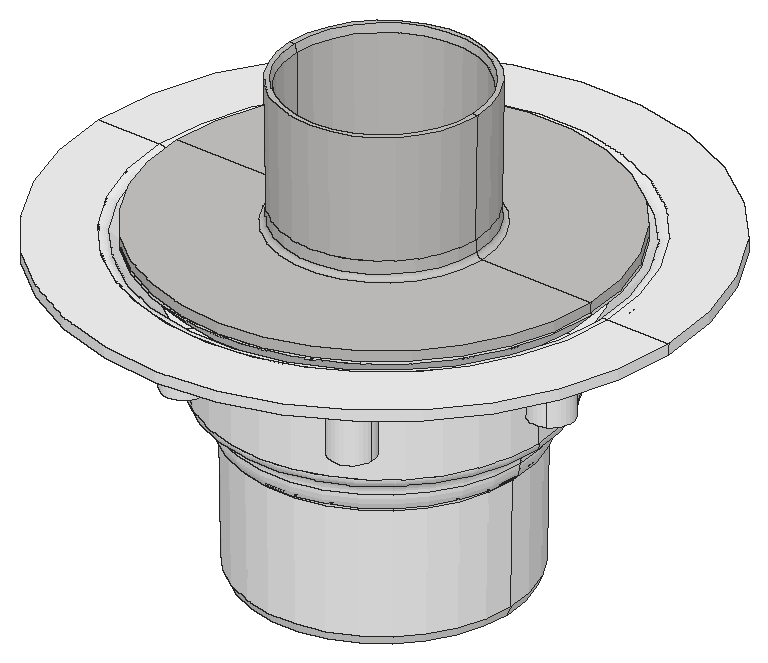
Revit family "3000.113 & 114 DPJ 65x100", category Plumbing Fixtures, Revit 2019
Family settings
  Round Connector Dimension = Use Diameter
  Part Type = Normal
  OmniClass Number = 23.45.00.00
  Work Plane-Based = No
  Always vertical = Yes
  Cut with Voids When Loaded = No
  Shared = No
  Room Calculation Point = No
Parameters (values of type "DPJ 65x100nv")
  Waste Connection = yes
  Vent Connection = no
  V = not(NV)  # no
  URL = "www.aquaknight.co.nz"
  Phone = "+6498322214"  # constant formula
  NV = yes
  Model = "3000.114"
  Manufacturer = "Aquanight Industries Ltd"  # constant formula
  Inlet = 31.5 mm
  HW Connection = no
  Email = "info@aquaknight.co.nz"  # constant formula
  Description = "DownPipe Junction 65x100 non-vented"
  CW Connection = no
Types (2, lengths in mm): name | V | NV | Model | Inlet | Description
  DPJ 65x100v | yes | no | "3000.113" | 25.5 | "DownPipe Junction 65x100 vented"
  DPJ 65x100nv | no | yes | "3000.114" | 31.5 | "DownPipe Junction 65x100 non-vented"
Reference planes
  plane 1 "Center (Front/Back)": y = 0
  plane 2: z = 0
  plane 3 "Center (Left/Right)": x = 0
  plane 4: z = -95
  plane 5: z = 31.5
Forms (mm)
  Revolve 1, solid, material "Plastic, Glossy White"
    sketch origin (0, 0, -4) x (1, 0, 0) y (0, 0, 1)
      loop
        line (72.739, -12.5) -> (58.75, -12.5) -> (58.418, -50.494)
        arc (58.418, -50.494) -> (53.232, -54.057) -> (51.2, -60.012) r 10
        arc (51.2, -60.012) -> (50.504, -63.207) -> (48.588, -65.857) r 8
        line (48.588, -65.857) -> (47.921, -116.857) -> (49.9, -116.857) -> (51.4, -113.357) -> (52, -67.477)
        arc (52, -67.477) -> (52.488, -66.33) -> (53.642, -65.857) r 1.642
        arc (53.642, -65.857) -> (54.791, -63.051) -> (55.2, -60.047) r 12
        arc (55.2, -60.047) -> (56.482, -56.392) -> (59.73, -54.282) r 6
        arc (59.73, -54.282) -> (61.906, -52.862) -> (62.75, -50.404) r 4
        line (62.75, -50.404) -> (62.75, -19.5) -> (74.07, -19.5)
        arc (74.07, -19.5) -> (76.898, -18.328) -> (78.07, -15.5) r 4
        line (78.07, -15.5) -> (78.07, -13.633)
        arc (78.07, -13.633) -> (78.244, -12.717) -> (78.742, -11.928) r 2.5
        line (78.742, -11.928) -> (89.123, -0.795)
        arc (89.123, -0.795) -> (89.955, -0.207) -> (90.951, 0) r 2.5
        line (90.951, 0) -> (115, 0) -> (115, 4) -> (90.299, 4)
        arc (90.299, 4) -> (88.306, 3.585) -> (86.643, 2.41) r 5
        line (86.643, 2.41) -> (72.739, -12.5)
      loop
        line (59.25, -5.1) -> (75.5, -5.1) -> (83.653, 3.053) -> (83.653, 4) -> (75.25, 4) -> (75.25, -0.6) -> (59.25, -0.6) -> (59.25, -5.1)
      axis (0, 4) -> (0, -116.857)
    angle from 0 to 360
  Extrusion 2, solid, material "Plastic, Glossy White", detail levels fine
    sketch origin (0, 0, -4) x (1, 0, 0) y (0, 1, 0)
      loop
        circle (67.55, 0) r 8.2
      loop
        circle (33.775, 58.5) r 8.2
      loop
        circle (33.775, -58.5) r 8.2
      loop
        circle (-67.55, 0) r 8.2
      loop
        circle (-33.775, 58.5) r 8.2
      loop
        circle (-33.775, -58.5) r 8.2
    from -38.379 to -12.5
  Extrusion 3, void
    sketch origin (0, -279.02, 0) x (1, 0, 0) y (0, 1, 0)
      loop
        arc (-12.154, 346.61) -> (-12.839, 347.723) -> (-14.118, 347.99) r 1.65
        arc (-14.118, 347.99) -> (-16.116, 347.551) -> (-18.1, 347.054) r 70.4
        arc (-18.1, 347.054) -> (-19.126, 346.245) -> (-19.243, 344.943) r 1.65
        line (-19.243, 344.943) -> (-10.576, 318.633)
        arc (-10.576, 318.633) -> (-9.124, 317.82) -> (-8.188, 319.195) r 1.231
        line (-8.188, 319.195) -> (-12.154, 346.61)
      loop
        arc (-0.233, 347.693) -> (-0.713, 348.909) -> (-1.927, 349.394) r 1.65
        arc (-1.927, 349.394) -> (-3.971, 349.308) -> (-6.011, 349.163) r 70.4
        arc (-6.011, 349.163) -> (-7.162, 348.545) -> (-7.503, 347.283) r 1.65
        line (-7.503, 347.283) -> (-3.536, 319.868)
        arc (-3.536, 319.868) -> (-2.248, 318.815) -> (-1.087, 320.006) r 1.231
        line (-1.087, 320.006) -> (-0.233, 347.693)
      loop
        arc (11.696, 346.691) -> (11.434, 347.971) -> (10.322, 348.659) r 1.65
        arc (10.322, 348.659) -> (8.295, 348.93) -> (6.261, 349.141) r 70.4
        arc (6.261, 349.141) -> (5.019, 348.732) -> (4.465, 347.549) r 1.65
        line (4.465, 347.549) -> (3.611, 319.861)
        arc (3.611, 319.861) -> (4.696, 318.601) -> (6.047, 319.572) r 1.231
        line (6.047, 319.572) -> (11.696, 346.691)
      loop
        arc (23.269, 343.632) -> (23.233, 344.938) -> (22.258, 345.809) r 1.65
        arc (22.258, 345.809) -> (20.309, 346.427) -> (18.342, 346.989) r 70.4
        arc (18.342, 346.989) -> (17.048, 346.802) -> (16.297, 345.732) r 1.65
        line (16.297, 345.732) -> (10.648, 318.614)
        arc (10.648, 318.614) -> (11.498, 317.184) -> (12.997, 317.906) r 1.231
        line (12.997, 317.906) -> (23.269, 343.632)
      loop
        arc (34.135, 338.609) -> (34.327, 339.902) -> (33.518, 340.929) r 1.65
        arc (33.518, 340.929) -> (31.705, 341.877) -> (29.866, 342.771) r 70.4
        arc (29.866, 342.771) -> (28.56, 342.811) -> (27.634, 341.889) r 1.65
        line (27.634, 341.889) -> (17.362, 316.163)
        arc (17.362, 316.163) -> (17.951, 314.607) -> (19.552, 315.059) r 1.231
        line (19.552, 315.059) -> (34.135, 338.609)
      loop
        arc (43.964, 331.777) -> (44.377, 333.017) -> (43.759, 334.168) r 1.65
        arc (43.759, 334.168) -> (42.138, 335.416) -> (40.483, 336.616) r 70.4
        arc (40.483, 336.616) -> (39.203, 336.883) -> (38.131, 336.135) r 1.65
        line (38.131, 336.135) -> (23.548, 312.584)
        arc (23.548, 312.584) -> (23.857, 310.95) -> (25.513, 311.116) r 1.231
        line (25.513, 311.116) -> (43.964, 331.777)
      loop
        arc (52.457, 323.341) -> (53.079, 324.49) -> (52.67, 325.732) r 1.65
        arc (52.67, 325.732) -> (51.291, 327.242) -> (49.869, 328.712) r 70.4
        arc (49.869, 328.712) -> (48.655, 329.196) -> (47.469, 328.646) r 1.65
        line (47.469, 328.646) -> (29.018, 307.985)
        arc (29.018, 307.985) -> (29.04, 306.322) -> (30.699, 306.198) r 1.231
        line (30.699, 306.198) -> (52.457, 323.341)
      loop
        arc (59.356, 313.558) -> (60.169, 314.582) -> (59.982, 315.876) r 1.65
        arc (59.982, 315.876) -> (58.886, 317.603) -> (57.74, 319.297) r 70.4
        arc (57.74, 319.297) -> (56.629, 319.985) -> (55.366, 319.649) r 1.65
        line (55.366, 319.649) -> (33.607, 302.506)
        arc (33.607, 302.506) -> (33.339, 300.864) -> (34.952, 300.454) r 1.231
        line (34.952, 300.454) -> (59.356, 313.558)
      loop
        arc (64.452, 302.727) -> (65.43, 303.594) -> (65.47, 304.9) r 1.65
        arc (65.47, 304.9) -> (64.691, 306.791) -> (63.857, 308.659) r 70.4
        arc (63.857, 308.659) -> (62.882, 309.529) -> (61.58, 309.418) r 1.65
        line (61.58, 309.418) -> (37.175, 296.314)
        arc (37.175, 296.314) -> (36.626, 294.743) -> (38.143, 294.059) r 1.231
        line (38.143, 294.059) -> (64.452, 302.727)
      loop
        arc (67.59, 291.174) -> (68.703, 291.859) -> (68.97, 293.138) r 1.65
        arc (68.97, 293.138) -> (68.531, 295.136) -> (68.034, 297.12) r 70.4
        arc (68.034, 297.12) -> (67.225, 298.146) -> (65.923, 298.263) r 1.65
        line (65.923, 298.263) -> (39.613, 289.596)
        arc (39.613, 289.596) -> (38.8, 288.144) -> (40.175, 287.208) r 1.231
        line (40.175, 287.208) -> (67.59, 291.174)
      loop
        arc (68.673, 279.253) -> (69.889, 279.733) -> (70.374, 280.947) r 1.65
        arc (70.374, 280.947) -> (70.288, 282.991) -> (70.143, 285.031) r 70.4
        arc (70.143, 285.031) -> (69.525, 286.182) -> (68.263, 286.523) r 1.65
        line (68.263, 286.523) -> (40.848, 282.556)
        arc (40.848, 282.556) -> (39.795, 281.268) -> (40.986, 280.107) r 1.231
        line (40.986, 280.107) -> (68.673, 279.253)
      loop
        arc (67.671, 267.324) -> (68.951, 267.587) -> (69.639, 268.698) r 1.65
        arc (69.639, 268.698) -> (69.91, 270.725) -> (70.121, 272.759) r 70.4
        arc (70.121, 272.759) -> (69.712, 274.001) -> (68.528, 274.555) r 1.65
        line (68.528, 274.555) -> (40.841, 275.409)
        arc (40.841, 275.409) -> (39.581, 274.324) -> (40.552, 272.973) r 1.231
        line (40.552, 272.973) -> (67.671, 267.324)
      loop
        arc (64.612, 255.751) -> (65.918, 255.787) -> (66.789, 256.762) r 1.65
        arc (66.789, 256.762) -> (67.407, 258.711) -> (67.969, 260.678) r 70.4
        arc (67.969, 260.678) -> (67.781, 261.972) -> (66.712, 262.723) r 1.65
        line (66.712, 262.723) -> (39.594, 268.372)
        arc (39.594, 268.372) -> (38.164, 267.522) -> (38.886, 266.023) r 1.231
        line (38.886, 266.023) -> (64.612, 255.751)
      loop
        arc (59.589, 244.885) -> (60.882, 244.693) -> (61.909, 245.502) r 1.65
        arc (61.909, 245.502) -> (62.857, 247.315) -> (63.751, 249.154) r 70.4
        arc (63.751, 249.154) -> (63.791, 250.461) -> (62.869, 251.386) r 1.65
        line (62.869, 251.386) -> (37.143, 261.658)
        arc (37.143, 261.658) -> (35.587, 261.07) -> (36.039, 259.468) r 1.231
        line (36.039, 259.468) -> (59.589, 244.885)
      loop
        arc (52.757, 235.056) -> (53.997, 234.643) -> (55.148, 235.261) r 1.65
        arc (55.148, 235.261) -> (56.396, 236.882) -> (57.596, 238.538) r 70.4
        arc (57.596, 238.538) -> (57.863, 239.817) -> (57.115, 240.889) r 1.65
        line (57.115, 240.889) -> (33.564, 255.472)
        arc (33.564, 255.472) -> (31.93, 255.163) -> (32.096, 253.507) r 1.231
        line (32.096, 253.507) -> (52.757, 235.056)
      loop
        arc (44.321, 226.563) -> (45.47, 225.941) -> (46.712, 226.35) r 1.65
        arc (46.712, 226.35) -> (48.222, 227.729) -> (49.692, 229.151) r 70.4
        arc (49.692, 229.151) -> (50.176, 230.365) -> (49.626, 231.551) r 1.65
        line (49.626, 231.551) -> (28.965, 250.002)
        arc (28.965, 250.002) -> (27.302, 249.98) -> (27.178, 248.321) r 1.231
        line (27.178, 248.321) -> (44.321, 226.563)
      loop
        arc (34.538, 219.664) -> (35.562, 218.851) -> (36.856, 219.038) r 1.65
        arc (36.856, 219.038) -> (38.583, 220.134) -> (40.277, 221.28) r 70.4
        arc (40.277, 221.28) -> (40.965, 222.391) -> (40.629, 223.654) r 1.65
        line (40.629, 223.654) -> (23.486, 245.413)
        arc (23.486, 245.413) -> (21.844, 245.681) -> (21.434, 244.068) r 1.231
        line (21.434, 244.068) -> (34.538, 219.664)
      loop
        arc (23.707, 214.568) -> (24.574, 213.59) -> (25.88, 213.55) r 1.65
        arc (25.88, 213.55) -> (27.771, 214.329) -> (29.639, 215.163) r 70.4
        arc (29.639, 215.163) -> (30.509, 216.138) -> (30.398, 217.44) r 1.65
        line (30.398, 217.44) -> (17.294, 241.845)
        arc (17.294, 241.845) -> (15.723, 242.394) -> (15.039, 240.877) r 1.231
        line (15.039, 240.877) -> (23.707, 214.568)
      loop
        arc (12.154, 211.43) -> (12.839, 210.317) -> (14.118, 210.05) r 1.65
        arc (14.118, 210.05) -> (16.116, 210.489) -> (18.1, 210.986) r 70.4
        arc (18.1, 210.986) -> (19.126, 211.795) -> (19.243, 213.097) r 1.65
        line (19.243, 213.097) -> (10.576, 239.407)
        arc (10.576, 239.407) -> (9.124, 240.22) -> (8.188, 238.845) r 1.231
        line (8.188, 238.845) -> (12.154, 211.43)
      loop
        arc (0.233, 210.347) -> (0.713, 209.131) -> (1.927, 208.646) r 1.65
        arc (1.927, 208.646) -> (3.971, 208.732) -> (6.011, 208.877) r 70.4
        arc (6.011, 208.877) -> (7.162, 209.495) -> (7.503, 210.757) r 1.65
        line (7.503, 210.757) -> (3.536, 238.172)
        arc (3.536, 238.172) -> (2.248, 239.225) -> (1.087, 238.034) r 1.231
        line (1.087, 238.034) -> (0.233, 210.347)
      loop
        arc (-11.696, 211.35) -> (-11.434, 210.069) -> (-10.322, 209.381) r 1.65
        arc (-10.322, 209.381) -> (-8.295, 209.11) -> (-6.261, 208.899) r 70.4
        arc (-6.261, 208.899) -> (-5.019, 209.308) -> (-4.465, 210.492) r 1.65
        line (-4.465, 210.492) -> (-3.611, 238.179)
        arc (-3.611, 238.179) -> (-4.696, 239.439) -> (-6.047, 238.468) r 1.231
        line (-6.047, 238.468) -> (-11.696, 211.35)
      loop
        arc (-23.269, 214.409) -> (-23.233, 213.102) -> (-22.258, 212.231) r 1.65
        arc (-22.258, 212.231) -> (-20.309, 211.613) -> (-18.342, 211.051) r 70.4
        arc (-18.342, 211.051) -> (-17.048, 211.239) -> (-16.297, 212.308) r 1.65
        line (-16.297, 212.308) -> (-10.648, 239.426)
        arc (-10.648, 239.426) -> (-11.498, 240.856) -> (-12.997, 240.134) r 1.231
        line (-12.997, 240.134) -> (-23.269, 214.409)
      loop
        arc (-34.135, 219.431) -> (-34.327, 218.138) -> (-33.518, 217.111) r 1.65
        arc (-33.518, 217.111) -> (-31.705, 216.164) -> (-29.866, 215.269) r 70.4
        arc (-29.866, 215.269) -> (-28.56, 215.229) -> (-27.634, 216.151) r 1.65
        line (-27.634, 216.151) -> (-17.362, 241.877)
        arc (-17.362, 241.877) -> (-17.951, 243.433) -> (-19.552, 242.982) r 1.231
        line (-19.552, 242.982) -> (-34.135, 219.431)
      loop
        arc (-43.964, 226.263) -> (-44.377, 225.023) -> (-43.759, 223.872) r 1.65
        arc (-43.759, 223.872) -> (-42.138, 222.624) -> (-40.483, 221.424) r 70.4
        arc (-40.483, 221.424) -> (-39.203, 221.157) -> (-38.131, 221.905) r 1.65
        line (-38.131, 221.905) -> (-23.548, 245.456)
        arc (-23.548, 245.456) -> (-23.857, 247.09) -> (-25.513, 246.924) r 1.231
        line (-25.513, 246.924) -> (-43.964, 226.263)
      loop
        arc (-52.457, 234.699) -> (-53.079, 233.55) -> (-52.67, 232.308) r 1.65
        arc (-52.67, 232.308) -> (-51.291, 230.798) -> (-49.869, 229.328) r 70.4
        arc (-49.869, 229.328) -> (-48.655, 228.844) -> (-47.469, 229.394) r 1.65
        line (-47.469, 229.394) -> (-29.018, 250.055)
        arc (-29.018, 250.055) -> (-29.04, 251.718) -> (-30.699, 251.842) r 1.231
        line (-30.699, 251.842) -> (-52.457, 234.699)
      loop
        arc (-59.356, 244.482) -> (-60.169, 243.458) -> (-59.982, 242.164) r 1.65
        arc (-59.982, 242.164) -> (-58.886, 240.437) -> (-57.74, 238.743) r 70.4
        arc (-57.74, 238.743) -> (-56.629, 238.055) -> (-55.366, 238.391) r 1.65
        line (-55.366, 238.391) -> (-33.607, 255.534)
        arc (-33.607, 255.534) -> (-33.339, 257.176) -> (-34.952, 257.586) r 1.231
        line (-34.952, 257.586) -> (-59.356, 244.482)
      loop
        arc (-64.452, 255.313) -> (-65.43, 254.446) -> (-65.47, 253.14) r 1.65
        arc (-65.47, 253.14) -> (-64.691, 251.249) -> (-63.857, 249.381) r 70.4
        arc (-63.857, 249.381) -> (-62.882, 248.511) -> (-61.58, 248.622) r 1.65
        line (-61.58, 248.622) -> (-37.175, 261.726)
        arc (-37.175, 261.726) -> (-36.626, 263.297) -> (-38.143, 263.981) r 1.231
        line (-38.143, 263.981) -> (-64.452, 255.313)
      loop
        arc (-67.59, 266.866) -> (-68.703, 266.181) -> (-68.97, 264.902) r 1.65
        arc (-68.97, 264.902) -> (-68.531, 262.904) -> (-68.034, 260.92) r 70.4
        arc (-68.034, 260.92) -> (-67.225, 259.894) -> (-65.923, 259.777) r 1.65
        line (-65.923, 259.777) -> (-39.613, 268.445)
        arc (-39.613, 268.445) -> (-38.8, 269.896) -> (-40.175, 270.832) r 1.231
        line (-40.175, 270.832) -> (-67.59, 266.866)
      loop
        arc (-68.673, 278.787) -> (-69.889, 278.307) -> (-70.374, 277.093) r 1.65
        arc (-70.374, 277.093) -> (-70.288, 275.049) -> (-70.143, 273.009) r 70.4
        arc (-70.143, 273.009) -> (-69.525, 271.858) -> (-68.263, 271.517) r 1.65
        line (-68.263, 271.517) -> (-40.848, 275.484)
        arc (-40.848, 275.484) -> (-39.795, 276.772) -> (-40.986, 277.933) r 1.231
        line (-40.986, 277.933) -> (-68.673, 278.787)
      loop
        arc (-67.671, 290.716) -> (-68.951, 290.454) -> (-69.639, 289.342) r 1.65
        arc (-69.639, 289.342) -> (-69.91, 287.315) -> (-70.121, 285.281) r 70.4
        arc (-70.121, 285.281) -> (-69.712, 284.039) -> (-68.528, 283.485) r 1.65
        line (-68.528, 283.485) -> (-40.841, 282.631)
        arc (-40.841, 282.631) -> (-39.581, 283.716) -> (-40.552, 285.067) r 1.231
        line (-40.552, 285.067) -> (-67.671, 290.716)
      loop
        arc (-64.612, 302.289) -> (-65.918, 302.253) -> (-66.789, 301.278) r 1.65
        arc (-66.789, 301.278) -> (-67.407, 299.329) -> (-67.969, 297.362) r 70.4
        arc (-67.969, 297.362) -> (-67.781, 296.068) -> (-66.712, 295.317) r 1.65
        line (-66.712, 295.317) -> (-39.594, 289.668)
        arc (-39.594, 289.668) -> (-38.164, 290.518) -> (-38.886, 292.017) r 1.231
        line (-38.886, 292.017) -> (-64.612, 302.289)
      loop
        arc (-59.589, 313.155) -> (-60.882, 313.347) -> (-61.909, 312.538) r 1.65
        arc (-61.909, 312.538) -> (-62.857, 310.725) -> (-63.751, 308.886) r 70.4
        arc (-63.751, 308.886) -> (-63.791, 307.58) -> (-62.869, 306.654) r 1.65
        line (-62.869, 306.654) -> (-37.143, 296.382)
        arc (-37.143, 296.382) -> (-35.587, 296.971) -> (-36.039, 298.572) r 1.231
        line (-36.039, 298.572) -> (-59.589, 313.155)
      loop
        arc (-52.757, 322.984) -> (-53.997, 323.397) -> (-55.148, 322.779) r 1.65
        arc (-55.148, 322.779) -> (-56.396, 321.159) -> (-57.596, 319.503) r 70.4
        arc (-57.596, 319.503) -> (-57.863, 318.223) -> (-57.115, 317.151) r 1.65
        line (-57.115, 317.151) -> (-33.564, 302.568)
        arc (-33.564, 302.568) -> (-31.93, 302.878) -> (-32.096, 304.533) r 1.231
        line (-32.096, 304.533) -> (-52.757, 322.984)
      loop
        arc (-44.321, 331.477) -> (-45.47, 332.1) -> (-46.712, 331.691) r 1.65
        arc (-46.712, 331.691) -> (-48.222, 330.311) -> (-49.692, 328.889) r 70.4
        arc (-49.692, 328.889) -> (-50.176, 327.675) -> (-49.626, 326.489) r 1.65
        line (-49.626, 326.489) -> (-28.965, 308.038)
        arc (-28.965, 308.038) -> (-27.302, 308.06) -> (-27.178, 309.719) r 1.231
        line (-27.178, 309.719) -> (-44.321, 331.477)
      loop
        arc (-34.538, 338.376) -> (-35.562, 339.189) -> (-36.856, 339.002) r 1.65
        arc (-36.856, 339.002) -> (-38.583, 337.906) -> (-40.277, 336.76) r 70.4
        arc (-40.277, 336.76) -> (-40.965, 335.649) -> (-40.629, 334.386) r 1.65
        line (-40.629, 334.386) -> (-23.486, 312.627)
        arc (-23.486, 312.627) -> (-21.844, 312.359) -> (-21.434, 313.972) r 1.231
        line (-21.434, 313.972) -> (-34.538, 338.376)
      loop
        arc (-23.707, 343.472) -> (-24.574, 344.45) -> (-25.88, 344.49) r 1.65
        arc (-25.88, 344.49) -> (-27.771, 343.711) -> (-29.639, 342.877) r 70.4
        arc (-29.639, 342.877) -> (-30.509, 341.902) -> (-30.398, 340.6) r 1.65
        line (-30.398, 340.6) -> (-17.294, 316.195)
        arc (-17.294, 316.195) -> (-15.723, 315.646) -> (-15.039, 317.163) r 1.231
        line (-15.039, 317.163) -> (-23.707, 343.472)
    from -4 to 0
  Revolve 4, solid, visible <- "V"
    sketch origin (0, 0, 0) x (1, 0, 0) y (0, 0, 1)
      loop
        line (35.265, 47.895) -> (34.646, 0.577)
        arc (34.646, 0.577) -> (34.512, -0.061) -> (34.149, -0.601) r 1.698
        line (34.149, -0.601) -> (31.114, -3.636) -> (30.815, -7.06) -> (30.901, -8.048) -> (32.328, -8.048) -> (35.1, -4.6) -> (74.75, -4.6) -> (74.75, -0.629) -> (39.54, -0.629)
        arc (39.54, -0.629) -> (38.129, -0.059) -> (37.51, 1.332) r 2.031
        line (37.51, 1.332) -> (37.316, 5.895) -> (37.905, 50.895) -> (36.111, 50.895) -> (35.265, 47.895)
      axis (0, 50.895) -> (0, -8.048)
    angle from 0 to 360
  Revolve 5, solid, material "Stainless Steel", visible <- "NV"
    sketch origin (0, 0, 0) x (1, 0, 0) y (0, 0, 1)
      loop
        line (-37.905, 55.395) -> (-37.316, 10.395) -> (-37.51, 5.83)
        arc (-37.51, 5.83) -> (-38.119, 4.461) -> (-39.508, 3.9) r 2
        line (-39.508, 3.9) -> (-83.625, 3.9) -> (-83.625, 0) -> (-35.187, 0) -> (-32.109, -3.54) -> (-31.114, -3.54) -> (-31.114, 0.864) -> (-34.637, 4.387) -> (-35.265, 52.395) -> (-36.111, 55.395) -> (-37.905, 55.395)
      axis (0, 55.395) -> (0, -3.54)
    angle from 0 to 360
Cuts and joins
  Extrusion 3 cuts Revolve 4
Lines and regions (mm)
  Masking region 1
    outline origin (0, 0, 0) x (1, 0, 0) y (0, 1, 0)
      loop
        circle (0, 0) r 115
  model lines, detail levels fine
    curve 1: circle (53.5, 92.665, 0) r 4.5 normal (0, 0, 1)
    curve 2: circle (107, 0, 0) r 4.5 normal (0, 0, -1)
    curve 3: circle (53.5, -92.665, 0) r 4.5 normal (0, 0, -1)
    curve 4: circle (-53.5, 92.665, 0) r 4.5 normal (0, 0, -1)
    curve 5: circle (-107, 0, 0) r 4.5 normal (0, 0, 1)
    curve 6: circle (-53.5, -92.665, 0) r 4.5 normal (0, 0, 1)
  symbolic lines
    curve 7: circle (0, 0, 0) r 32.5 normal (0, 0, 1)
    curve 10: circle (0, 0, 0) r 83.625 normal (0, 0, 1)
  symbolic lines, visible <- "V"
    curve 8: circle (0, 0, 0) r 39.858 normal (0, 0, 1)
    curve 9: circle (0, 0, 0) r 70.4 normal (0, 0, 1)
Dimensions and locks
  locked: level to plane 4 at 95
  locked: connector elem to plane 1 "Center (Front/Back)" at 0
  locked: connector elem to plane 3 "Center (Left/Right)" at 0
  level to Revolve 5 = 55.395 mm
  cut or joined group of Extrusion 3, Revolve 4 to Revolve 1 = 50.895 mm
  Revolve 5 to level = 3.9 mm
  "Inlet": plane 5 to level
  locked: connector elem to plane 1 "Center (Front/Back)"
  aligned and locked: level to plane 2
  aligned and locked: Revolve 4 sketch curve to plane 3 "Center (Left/Right)"
  aligned and locked: Revolve 5 sketch curve to plane 3 "Center (Left/Right)"
Automatic sketch dimensions
  Revolve 1 sketch curve to Revolve 1 sketch curve = 0 mm  (x7)
  Revolve 1 sketch curve to plane 3 "Center (Left/Right)" = 0 mm
  Revolve 1 sketch curve to level = 0 mm  (x2)
  plane 3 "Center (Left/Right)" to Revolve 1 sketch curve = 43.2 mm
  plane 3 "Center (Left/Right)" to Revolve 1 sketch curve = 47.921 mm
  plane 4 to Revolve 1 sketch curve = 25.143 mm
  Revolve 1 sketch curve to Revolve 1 sketch curve = 5.387 mm
  Revolve 1 sketch curve to Revolve 1 sketch curve = 1.979 mm
  Revolve 1 sketch curve to plane 4 = 22.357 mm
  Revolve 1 sketch curve to Revolve 1 sketch curve = 1.5 mm  (x2)
  plane 4 to Revolve 1 sketch curve = 23.523 mm
  Revolve 1 sketch curve to Revolve 1 sketch curve = 3.412 mm
  Revolve 1 sketch curve to Revolve 1 sketch curve = 1.642 mm
  Revolve 1 sketch curve to Revolve 1 sketch curve = 4.777 mm
  Revolve 1 sketch curve to Revolve 1 sketch curve = 0.332 mm
  Revolve 1 sketch curve to level = 16.5 mm
  Revolve 1 sketch curve to Revolve 1 sketch curve = 0.5 mm
  Revolve 1 sketch curve to Revolve 1 sketch curve = 2.781 mm
  Revolve 1 sketch curve to Revolve 1 sketch curve = 4 mm  (x2)
  Revolve 1 sketch curve to Revolve 1 sketch curve = 9.989 mm
  Revolve 1 sketch curve to Revolve 1 sketch curve = 1.331 mm
  Revolve 1 sketch curve to Revolve 1 sketch curve = 2.511 mm
  Revolve 1 sketch curve to Revolve 1 sketch curve = 0.25 mm
  Revolve 1 sketch curve to level = 15.928 mm
  Revolve 1 sketch curve to Revolve 1 sketch curve = 0.672 mm
  Revolve 1 sketch curve to Revolve 1 sketch curve = 1.828 mm
  Revolve 1 sketch curve to level = 0.947 mm
  Revolve 1 sketch curve to Revolve 1 sketch curve = 8.403 mm
  Revolve 1 sketch curve to level = 1.59 mm
  Revolve 1 sketch curve to Revolve 1 sketch curve = 2.99 mm
  Revolve 1 sketch curve to level = 4.795 mm
  Revolve 1 sketch curve to Revolve 1 sketch curve = 2.481 mm
  Revolve 1 sketch curve to Revolve 1 sketch curve = 3.657 mm
  Revolve 1 sketch curve to Revolve 1 sketch curve = 0.652 mm
  Revolve 1 sketch curve to Revolve 1 sketch curve = 24.049 mm
  Revolve 1 sketch curve to Revolve 1 sketch curve = 3.5 mm
  Revolve 1 sketch curve to Revolve 1 sketch curve = 0.021 mm
  Revolve 1 sketch curve to Revolve 1 sketch curve = 5.757 mm
  Revolve 1 sketch curve to Revolve 1 sketch curve = 5.914 mm
  Revolve 1 sketch curve to Revolve 1 sketch curve = 9.605 mm
  Revolve 1 sketch curve to Revolve 1 sketch curve = 0.09 mm
  Revolve 1 sketch curve to Revolve 1 sketch curve = 7 mm
  Revolve 1 sketch curve to Revolve 1 sketch curve = 4.5 mm
  Revolve 1 sketch curve to Revolve 1 sketch curve = 336.074 mm
  level to Revolve 1 sketch curve = 2441.244 mm
  plane 1 "Center (Front/Back)" to Extrusion 2 sketch curve = 0 mm  (x2)
  Extrusion 2 sketch curve to plane 3 "Center (Left/Right)" = 67.55 mm
  Extrusion 2 sketch curve to plane 3 "Center (Left/Right)" = 33.775 mm  (x2)
  plane 3 "Center (Left/Right)" to Extrusion 2 sketch curve = 33.775 mm  (x2)
  Extrusion 2 sketch curve to Extrusion 2 sketch curve = 33.775 mm
  plane 1 "Center (Front/Back)" to Extrusion 2 sketch curve = 58.5 mm  (x2)
  Extrusion 2 sketch curve to plane 1 "Center (Front/Back)" = 58.5 mm  (x2)
  plane 3 "Center (Left/Right)" to curve 1 = 53.5 mm
  curve 1 to plane 1 "Center (Front/Back)" = 92.665 mm
  Revolve 4 sketch curve to level = 7.06 mm
  plane 3 "Center (Left/Right)" to Revolve 4 sketch curve = 30.815 mm
  Revolve 4 sketch curve to Revolve 4 sketch curve = 0.086 mm
  Revolve 4 sketch curve to level = 3.636 mm
  Revolve 4 sketch curve to Revolve 4 sketch curve = 0.3 mm
  Revolve 4 sketch curve to Revolve 4 sketch curve = 1.426 mm
  level to Revolve 4 sketch curve = 0.599 mm
  Revolve 4 sketch curve to Revolve 4 sketch curve = 1.834 mm
  Revolve 4 sketch curve to level = 0.601 mm
  Revolve 4 sketch curve to Revolve 4 sketch curve = 1.2 mm
  level to Revolve 4 sketch curve = 0.577 mm
  Revolve 4 sketch curve to level = 4.6 mm
  Revolve 4 sketch curve to Revolve 4 sketch curve = 3.985 mm
  plane 3 "Center (Left/Right)" to Revolve 4 sketch curve = 35.265 mm
  Revolve 4 sketch curve to Revolve 4 sketch curve = 0.846 mm
  level to Revolve 4 sketch curve = 1.332 mm
  Revolve 4 sketch curve to Revolve 4 sketch curve = 2.864 mm
  Revolve 4 sketch curve to Revolve 4 sketch curve = 1.793 mm
  Revolve 4 sketch curve to level = 0.629 mm
  Revolve 4 sketch curve to Revolve 4 sketch curve = 2.03 mm
  Revolve 4 sketch curve to Revolve 4 sketch curve = 35.21 mm
  Revolve 4 sketch curve to Revolve 4 sketch curve = 0.989 mm
  Revolve 4 sketch curve to Revolve 4 sketch curve = 46.564 mm
  Revolve 4 sketch curve to Revolve 4 sketch curve = 3 mm
  level to Revolve 4 sketch curve = 5.895 mm
  Revolve 4 sketch curve to Revolve 4 sketch curve = 0.194 mm
  level to Revolve 4 sketch curve = 5.9 mm
  Revolve 4 sketch curve to plane 4 = 357.931 mm
  Revolve 4 sketch curve to Revolve 4 sketch curve = 2394.348 mm
  Revolve 1 sketch curve to Revolve 1 sketch curve = 6.828 mm
  level to Revolve 5 sketch curve = 3.9 mm
  Revolve 5 sketch curve to plane 3 "Center (Left/Right)" = 83.625 mm
  Revolve 5 sketch curve to plane 3 "Center (Left/Right)" = 37.905 mm
  level to Revolve 5 sketch curve = 5.83 mm
  Revolve 5 sketch curve to Revolve 5 sketch curve = 1.999 mm
  Revolve 5 sketch curve to Revolve 5 sketch curve = 1.793 mm
  Revolve 5 sketch curve to Revolve 5 sketch curve = 0.846 mm
  Revolve 5 sketch curve to Revolve 5 sketch curve = 46.565 mm
  Revolve 5 sketch curve to Revolve 5 sketch curve = 3 mm
  level to Revolve 5 sketch curve = 10.4 mm
  Revolve 5 sketch curve to Revolve 5 sketch curve = 0.16 mm
  level to Revolve 5 sketch curve = 10.395 mm
  Revolve 5 sketch curve to Revolve 5 sketch curve = 0.034 mm
  Revolve 5 sketch curve to Revolve 5 sketch curve = 4.322 mm
  Revolve 5 sketch curve to Revolve 5 sketch curve = 2.873 mm
  Revolve 5 sketch curve to level = 3.54 mm
  Revolve 5 sketch curve to Revolve 5 sketch curve = 3.078 mm
  Revolve 5 sketch curve to Revolve 5 sketch curve = 0.995 mm
  Revolve 5 sketch curve to plane 3 "Center (Left/Right)" = 35.187 mm
  level to Revolve 5 sketch curve = 0 mm
  level to Revolve 5 sketch curve = 0.864 mm
  level to Revolve 5 sketch curve = 4.387 mm
  Revolve 5 sketch curve to plane 4 = 357.931 mm
  Revolve 5 sketch curve to Revolve 5 sketch curve = 2389.848 mm
  Extrusion 3 sketch curve to Extrusion 3 sketch curve = 0 mm  (x106)
  plane 1 "Center (Front/Back)" to Extrusion 3 sketch curve = 0 mm
  Extrusion 3 sketch curve to plane 3 "Center (Left/Right)" = 0 mm
  Extrusion 3 sketch curve to plane 3 "Center (Left/Right)" = 0.233 mm
  Extrusion 3 sketch curve to plane 3 "Center (Left/Right)" = 3.611 mm
  Extrusion 3 sketch curve to plane 3 "Center (Left/Right)" = 4.465 mm
  Extrusion 3 sketch curve to Extrusion 3 sketch curve = 1.231 mm  (x11)
  Extrusion 3 sketch curve to Extrusion 3 sketch curve = 1.205 mm  (x4)
  Extrusion 3 sketch curve to Extrusion 3 sketch curve = 1.649 mm  (x8)
  Extrusion 3 sketch curve to Extrusion 3 sketch curve = 3.966 mm  (x2)
  Extrusion 3 sketch curve to Extrusion 3 sketch curve = 4.601 mm  (x4)
  Extrusion 3 sketch curve to Extrusion 3 sketch curve = 1.615 mm  (x8)
  Extrusion 3 sketch curve to Extrusion 3 sketch curve = 1.143 mm  (x5)
  Extrusion 3 sketch curve to Extrusion 3 sketch curve = 1.169 mm  (x4)
  Extrusion 3 sketch curve to Extrusion 3 sketch curve = 1.085 mm  (x5)
  Extrusion 3 sketch curve to Extrusion 3 sketch curve = 4.365 mm  (x4)
  Extrusion 3 sketch curve to Extrusion 3 sketch curve = 1.047 mm  (x5)
  Extrusion 3 sketch curve to Extrusion 3 sketch curve = 4.141 mm  (x4)
  Extrusion 3 sketch curve to Extrusion 3 sketch curve = 3.824 mm  (x2)
  Extrusion 3 sketch curve to Extrusion 3 sketch curve = 1.532 mm  (x8)
  Extrusion 3 sketch curve to Extrusion 3 sketch curve = 0.967 mm  (x5)
  Extrusion 3 sketch curve to Extrusion 3 sketch curve = 3.996 mm  (x7)
  Extrusion 3 sketch curve to Extrusion 3 sketch curve = 1.567 mm  (x8)
  Extrusion 3 sketch curve to Extrusion 3 sketch curve = 0.918 mm  (x6)
  Extrusion 3 sketch curve to Extrusion 3 sketch curve = 3.692 mm  (x7)
  Extrusion 3 sketch curve to Extrusion 3 sketch curve = 3.67 mm  (x2)
  Extrusion 3 sketch curve to Extrusion 3 sketch curve = 0.82 mm  (x6)
  Extrusion 3 sketch curve to Extrusion 3 sketch curve = 3.505 mm  (x8)
  Extrusion 3 sketch curve to Extrusion 3 sketch curve = 1.454 mm  (x8)
  Extrusion 3 sketch curve to Extrusion 3 sketch curve = 0.762 mm  (x6)
  Extrusion 3 sketch curve to Extrusion 3 sketch curve = 3.131 mm  (x8)
  Extrusion 3 sketch curve to Extrusion 3 sketch curve = 3.566 mm  (x3)
  Extrusion 3 sketch curve to Extrusion 3 sketch curve = 0.648 mm  (x7)
  Extrusion 3 sketch curve to Extrusion 3 sketch curve = 2.909 mm  (x8)
  Extrusion 3 sketch curve to Extrusion 3 sketch curve = 1.403 mm  (x8)
  plane 1 "Center (Front/Back)" to Extrusion 3 sketch curve = 21.434 mm
  Extrusion 3 sketch curve to Extrusion 3 sketch curve = 0.582 mm  (x7)
  Extrusion 3 sketch curve to Extrusion 3 sketch curve = 2.474 mm  (x8)
  Extrusion 3 sketch curve to plane 1 "Center (Front/Back)" = 17.362 mm
  Extrusion 3 sketch curve to Extrusion 3 sketch curve = 0.457 mm  (x6)
  plane 1 "Center (Front/Back)" to Extrusion 3 sketch curve = 17.294 mm
  Extrusion 3 sketch curve to Extrusion 3 sketch curve = 2.223 mm  (x8)
  plane 1 "Center (Front/Back)" to Extrusion 3 sketch curve = 15.039 mm
  Extrusion 3 sketch curve to Extrusion 3 sketch curve = 0.385 mm  (x6)
  Extrusion 3 sketch curve to plane 1 "Center (Front/Back)" = 12.997 mm
  Extrusion 3 sketch curve to Extrusion 3 sketch curve = 1.743 mm  (x8)
  Extrusion 3 sketch curve to Extrusion 3 sketch curve = 3.341 mm  (x4)
  Extrusion 3 sketch curve to plane 1 "Center (Front/Back)" = 10.648 mm
  Extrusion 3 sketch curve to Extrusion 3 sketch curve = 0.251 mm  (x6)
  plane 1 "Center (Front/Back)" to Extrusion 3 sketch curve = 10.576 mm
  Extrusion 3 sketch curve to Extrusion 3 sketch curve = 1.471 mm  (x8)
  plane 1 "Center (Front/Back)" to Extrusion 3 sketch curve = 8.188 mm
  Extrusion 3 sketch curve to Extrusion 3 sketch curve = 0.176 mm  (x4)
  Extrusion 3 sketch curve to plane 1 "Center (Front/Back)" = 6.047 mm
  Extrusion 3 sketch curve to Extrusion 3 sketch curve = 0.958 mm  (x8)
  Extrusion 3 sketch curve to Extrusion 3 sketch curve = 1.296 mm  (x8)
  Extrusion 3 sketch curve to plane 1 "Center (Front/Back)" = 3.611 mm
  Extrusion 3 sketch curve to Extrusion 3 sketch curve = 0.038 mm  (x2)
  plane 1 "Center (Front/Back)" to Extrusion 3 sketch curve = 3.536 mm
  Extrusion 3 sketch curve to Extrusion 3 sketch curve = 0.673 mm  (x8)
  plane 1 "Center (Front/Back)" to Extrusion 3 sketch curve = 1.087 mm
  Extrusion 3 sketch curve to Extrusion 3 sketch curve = 0.138 mm  (x4)
  Extrusion 3 sketch curve to Extrusion 3 sketch curve = 3.2 mm  (x4)
  Extrusion 3 sketch curve to Extrusion 3 sketch curve = 2.91 mm  (x4)
  Extrusion 3 sketch curve to Extrusion 3 sketch curve = 1.099 mm  (x8)
  Extrusion 3 sketch curve to Extrusion 3 sketch curve = 2.736 mm  (x4)
  Extrusion 3 sketch curve to Extrusion 3 sketch curve = 1.021 mm  (x8)
  Extrusion 3 sketch curve to Extrusion 3 sketch curve = 2.391 mm  (x4)
  Extrusion 3 sketch curve to Extrusion 3 sketch curve = 0.869 mm  (x8)
  Extrusion 3 sketch curve to Extrusion 3 sketch curve = 2.189 mm  (x4)
  plane 1 "Center (Front/Back)" to Extrusion 3 sketch curve = 34.538 mm
  Extrusion 3 sketch curve to Extrusion 3 sketch curve = 0.781 mm  (x8)
  plane 1 "Center (Front/Back)" to Extrusion 3 sketch curve = 30.398 mm
  Extrusion 3 sketch curve to Extrusion 3 sketch curve = 1.799 mm  (x4)
  Extrusion 3 sketch curve to plane 1 "Center (Front/Back)" = 27.634 mm
  Extrusion 3 sketch curve to Extrusion 3 sketch curve = 0.612 mm  (x8)
  Extrusion 3 sketch curve to Extrusion 3 sketch curve = 1.576 mm  (x4)
  plane 1 "Center (Front/Back)" to Extrusion 3 sketch curve = 23.707 mm
  Extrusion 3 sketch curve to Extrusion 3 sketch curve = 0.516 mm  (x8)
  Extrusion 3 sketch curve to plane 1 "Center (Front/Back)" = 23.269 mm
  plane 1 "Center (Front/Back)" to Extrusion 3 sketch curve = 19.243 mm
  Extrusion 3 sketch curve to Extrusion 3 sketch curve = 1.152 mm  (x4)
  Extrusion 3 sketch curve to plane 1 "Center (Front/Back)" = 16.297 mm
  Extrusion 3 sketch curve to Extrusion 3 sketch curve = 0.336 mm  (x8)
  Extrusion 3 sketch curve to Extrusion 3 sketch curve = 0.914 mm  (x4)
  plane 1 "Center (Front/Back)" to Extrusion 3 sketch curve = 12.154 mm
  Extrusion 3 sketch curve to Extrusion 3 sketch curve = 0.236 mm  (x8)
  Extrusion 3 sketch curve to plane 1 "Center (Front/Back)" = 11.696 mm
  plane 1 "Center (Front/Back)" to Extrusion 3 sketch curve = 7.503 mm
  Extrusion 3 sketch curve to Extrusion 3 sketch curve = 0.471 mm  (x4)
  Extrusion 3 sketch curve to plane 1 "Center (Front/Back)" = 4.465 mm
  Extrusion 3 sketch curve to Extrusion 3 sketch curve = 0.051 mm  (x8)
  plane 1 "Center (Front/Back)" to Extrusion 3 sketch curve = 0.233 mm
  Extrusion 3 sketch curve to Extrusion 3 sketch curve = 0.145 mm  (x5)
  plane 3 "Center (Left/Right)" to Extrusion 3 sketch curve = 0.233 mm
  plane 3 "Center (Left/Right)" to Extrusion 3 sketch curve = 1.087 mm
  Extrusion 3 sketch curve to Extrusion 3 sketch curve = 1.219 mm  (x3)
  plane 3 "Center (Left/Right)" to Extrusion 3 sketch curve = 3.611 mm
  plane 3 "Center (Left/Right)" to Extrusion 3 sketch curve = 4.465 mm
  Extrusion 3 sketch curve to Extrusion 3 sketch curve = 3.988 mm
  Extrusion 3 sketch curve to Extrusion 3 sketch curve = 1.633 mm  (x8)
  Extrusion 3 sketch curve to Extrusion 3 sketch curve = 4.651 mm  (x3)
  Extrusion 3 sketch curve to Extrusion 3 sketch curve = 4.464 mm  (x4)
  Extrusion 3 sketch curve to Extrusion 3 sketch curve = 3.888 mm  (x2)
  Extrusion 3 sketch curve to plane 1 "Center (Front/Back)" = 21.434 mm
  plane 1 "Center (Front/Back)" to Extrusion 3 sketch curve = 17.362 mm
  Extrusion 3 sketch curve to plane 1 "Center (Front/Back)" = 17.294 mm
  Extrusion 3 sketch curve to plane 1 "Center (Front/Back)" = 15.039 mm
  plane 1 "Center (Front/Back)" to Extrusion 3 sketch curve = 12.997 mm
  plane 1 "Center (Front/Back)" to Extrusion 3 sketch curve = 10.648 mm
  Extrusion 3 sketch curve to plane 1 "Center (Front/Back)" = 10.576 mm
  Extrusion 3 sketch curve to plane 1 "Center (Front/Back)" = 8.188 mm
  plane 1 "Center (Front/Back)" to Extrusion 3 sketch curve = 6.047 mm
  plane 1 "Center (Front/Back)" to Extrusion 3 sketch curve = 3.611 mm
  Extrusion 3 sketch curve to plane 1 "Center (Front/Back)" = 3.536 mm
  Extrusion 3 sketch curve to plane 1 "Center (Front/Back)" = 1.087 mm
  Extrusion 3 sketch curve to plane 1 "Center (Front/Back)" = 34.538 mm
  Extrusion 3 sketch curve to plane 1 "Center (Front/Back)" = 30.398 mm
  plane 1 "Center (Front/Back)" to Extrusion 3 sketch curve = 27.634 mm
  Extrusion 3 sketch curve to plane 1 "Center (Front/Back)" = 23.707 mm
  plane 1 "Center (Front/Back)" to Extrusion 3 sketch curve = 23.269 mm
  Extrusion 3 sketch curve to plane 1 "Center (Front/Back)" = 19.243 mm
  plane 1 "Center (Front/Back)" to Extrusion 3 sketch curve = 16.297 mm
  Extrusion 3 sketch curve to plane 1 "Center (Front/Back)" = 12.154 mm
  plane 1 "Center (Front/Back)" to Extrusion 3 sketch curve = 11.696 mm
  Extrusion 3 sketch curve to plane 1 "Center (Front/Back)" = 7.503 mm
  plane 1 "Center (Front/Back)" to Extrusion 3 sketch curve = 4.465 mm
  Extrusion 3 sketch curve to plane 1 "Center (Front/Back)" = 0.233 mm
  Extrusion 3 sketch curve to Extrusion 3 sketch curve = 17.59 mm
  Extrusion 3 sketch curve to Extrusion 3 sketch curve = 14.604 mm
  Extrusion 3 sketch curve to Extrusion 3 sketch curve = 10.497 mm
  Extrusion 3 sketch curve to Extrusion 3 sketch curve = 2.052 mm
  Extrusion 3 sketch curve to Extrusion 3 sketch curve = 2.19 mm
  Extrusion 3 sketch curve to Extrusion 3 sketch curve = 0.225 mm
  Extrusion 3 sketch curve to Extrusion 3 sketch curve = 2.388 mm
  Extrusion 3 sketch curve to plane 3 "Center (Left/Right)" = 1.087 mm
  Extrusion 3 sketch curve to Extrusion 3 sketch curve = 2.449 mm
  curve 7 to curve 8 = 0 mm  (x2)
  curve 7 to curve 9 = 0 mm  (x2)
  curve 7 to curve 10 = 0 mm  (x2)
  curve 8 to curve 9 = 0 mm  (x2)
  curve 8 to curve 10 = 0 mm  (x2)
  curve 9 to curve 10 = 0 mm  (x2)
  plane 1 "Center (Front/Back)" to curve 9 = 0 mm
  plane 1 "Center (Front/Back)" to curve 5 = 0 mm
  plane 1 "Center (Front/Back)" to curve 2 = 0 mm
  curve 9 to plane 3 "Center (Left/Right)" = 0 mm
  plane 1 "Center (Front/Back)" to curve 6 = 92.665 mm
  plane 1 "Center (Front/Back)" to curve 3 = 92.665 mm
  curve 4 to plane 1 "Center (Front/Back)" = 92.665 mm
  plane 3 "Center (Left/Right)" to curve 3 = 53.5 mm
  curve 2 to curve 3 = 53.5 mm
  curve 4 to plane 3 "Center (Left/Right)" = 53.5 mm
  curve 6 to plane 3 "Center (Left/Right)" = 53.5 mm
  curve 4 to curve 5 = 53.5 mm
  plane 1 "Center (Front/Back)" to Masking region 1 sketch curve = 0 mm
  Masking region 1 sketch curve to plane 3 "Center (Left/Right)" = 0 mm
  radius of Extrusion 2 sketch curve = 8.2 mm  (x6)
  radius of curve 1 = 4.5 mm
  radius of curve 2 = 4.5 mm
  radius of curve 3 = 4.5 mm
  radius of curve 4 = 4.5 mm
  radius of curve 5 = 4.5 mm
  radius of curve 6 = 4.5 mm
  radius of curve 7 = 32.5 mm
  radius of curve 8 = 39.858 mm
  radius of curve 9 = 70.4 mm
  radius of curve 10 = 83.625 mm
  radius of Masking region 1 sketch curve = 115 mm
Connectors
  piping at (0, 0, -95), diameter 100
    settings: on plane 4, index 1, connector inside diameter 609.6 mm, connector length 0 mm, flow factor 0, pipe flow 0.0 L/s, pressure drop 0.0 Pa, fitting loss kfactor 0, connector angle 0.00°, fixture units 0, engagement length 0 mm, angle of deflection 0.00°, flow configuration 0, flow direction 0, fitting loss method 0, system type 28, joint type 0, gender type 0, connector reference index 2, connector utility 0, adjustable connector no, is connector primary no, connector description ""
  piping at (0, 0, 31.5), diameter 65
    settings: on plane 5, index 2, connector inside diameter 609.6 mm, connector length 0 mm, flow factor 0, pipe flow 0.0 L/s, pressure drop 0.0 Pa, fitting loss kfactor 0, connector angle 0.00°, fixture units 0, engagement length 0 mm, angle of deflection 0.00°, flow configuration 0, flow direction 0, fitting loss method 0, system type 28, joint type 0, gender type 0, connector reference index 1, connector utility 0, adjustable connector no, is connector primary yes, connector description ""
